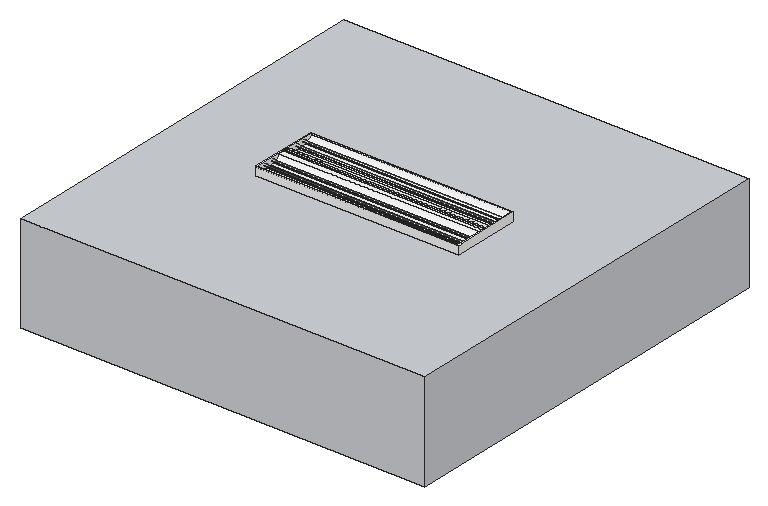
Revit family "LHA4", category Lighting Fixtures, host Face, Revit 2012
Parameters (values of type "LHA4-654-NU-24EP")
  Wattage Comments = "235W"
  Wattage = 235 W
  built-in parameter 1150110 = 1 (stored number, unit not read)
  URL = "http://www.columbialighting.com/"
  built-in parameter 1114217 = 1 (stored number, unit not read)
  Tilt Angle = -90.00°
  built-in parameter 1150109 = 1 (stored number, unit not read)
  built-in parameter 1150134 = (empty or 0)
  built-in parameter 1150113 = 1 (stored number, unit not read)
  Product Page URL = "http://www.columbialighting.com/products/lha"
  Product Documentation Link = "http://www.columbialighting.com/content/products/specs/specs_files/lha4_4.pdf"
  Photometric Web File = "itl68011.ies"
  Model = "LHA4"  # constant formula
  Manufacturer Phone = "864-678-1000"  # constant formula
  Manufacturer Fax = "866-898-1065"  # constant formula
  Manufacturer = "Columbia Lighting"  # constant formula
  built-in parameter 1150105 = 1271.6 (stored number, unit not read)
  Lumens = 15980 lm
  built-in parameter 1150115 = 1 (stored number, unit not read)
  built-in parameter 1150137 = (empty or 0)
  built-in parameter 1150139 = (empty or 0)
  built-in parameter 1150112 = 1 (stored number, unit not read)
  built-in parameter 1150114 = 1 (stored number, unit not read)
  Lamp = "F54T5"
  built-in parameter 1150132 = (empty or 0)
  built-in parameter 1150102 = (empty or 0)
  built-in parameter 1150107 = 4450 (stored number, unit not read)
  built-in parameter 1150138 = (empty or 0)
  built-in parameter 1150106 = 12.716 (stored number, unit not read)
  Glass = Glass
  Emit from Line Length = 48.000"
  built-in parameter 1150104 = 6.3174 (stored number, unit not read)
  Dimming Lamp Color Temperature Shift = <None>
  Description = "LHA high bays are the economical standard for fluorescent high bay lighting with serviceability and performance that is unrivaled in the marketplace."  # constant formula
  Default Elevation = 48.000"
  Color Filter = 16777215
  built-in parameter 1114218 = 1 (stored number, unit not read)
  Backbox = White
  built-in parameter 1150133 = 10 (stored number, unit not read)
  Apparent Load = 0 VA
Types (7): name | Photometric Web File
  (no name) | "itl68011.ies"
  LHA4-454-NU-4EP | "itl68013.ies"
  LHA4-454-WU | "15332.ies"
  LHA4-632-NU-EHL | "itl68009.ies"
  LHA4-632-WU | "15333.ies"
  LHA4-654-NU-24EP | "itl68011.ies"
  LHA4-654-WU | "15334.ies"
Reference planes (in)
  plane 1 "Center (Front/Back)": y = 0.03999
  plane 2: z = -0.74748
  plane 3 "Center (Left/Right)": x = 0.01104
  plane 4: y = 8.13374
  plane 5: x = -23.98896
  plane 6: y = -8.05376
  plane 7: x = 24.01104
  plane 8: z = 0.58035
  plane 9: x = -23.78896
  plane 10: x = 23.81104
  plane 11: z = 1.25252
  plane 12: z = 0.58035
Forms (in)
  Extrusion 1, solid
    sketch origin (0, 0, 0.06357) x (1, 0, 0) y (0, 1, 0)
      loop
        line (-48, 48) -> (-48, -48) -> (48, -48) -> (48, 48) -> (-48, 48)
    from -0.81105 to -24.06357
  Extrusion 2, solid, material "White" <- "Backbox"
    sketch origin (0.01104, 0.07998, 2.07374) x (0, -1, 0) y (0, 0, -1)
      loop
        line (8.13374, 2.82123) -> (-8.05376, 2.82123) -> (-8.05376, 0.82123) -> (-7.96079, 0.82123)
        arc (-7.96079, 0.82123) -> (-7.27669, 1.75985) -> (-6.25566, 2.31349) r 2.63685
        line (-6.25566, 2.31349) -> (-5.25566, 2.31349)
        arc (-5.25566, 2.31349) -> (-4.95, 2.18743) -> (-4.67456, 2.00451) r 1.69805
        arc (-4.67456, 2.00451) -> (-4.37408, 2.19238) -> (-4.04105, 2.31349) r 1.69098
        line (-4.04105, 2.31349) -> (-3.04105, 2.31349)
        arc (-3.04105, 2.31349) -> (-2.10605, 1.76841) -> (-1.41842, 0.93265) r 3.0688
        line (-1.41842, 0.93265) -> (-0.50403, 0.83736) -> (0.04485, 0.83736) -> (0.58401, 0.83736) -> (1.4984, 0.93265)
        arc (1.4984, 0.93265) -> (2.18603, 1.76841) -> (3.12104, 2.31349) r 3.0688
        line (3.12104, 2.31349) -> (4.12104, 2.31349)
        arc (4.12104, 2.31349) -> (4.45406, 2.19238) -> (4.75454, 2.00451) r 1.69098
        arc (4.75454, 2.00451) -> (5.02998, 2.18743) -> (5.33564, 2.31349) r 1.69805
        line (5.33564, 2.31349) -> (6.33564, 2.31349)
        arc (6.33564, 2.31349) -> (7.35667, 1.75985) -> (8.04077, 0.82123) r 2.63685
        line (8.04077, 0.82123) -> (8.13374, 0.82123) -> (8.13374, 2.82123)
    from -23.8 to 23.8
  Extrusion 3, solid, material "Glass" <- "Glass"
    sketch origin (0.01104, 0.07998, 2.07374) x (0, -1, 0) y (0, 0, -1)
      loop
        circle (-5.76029, 1.49339) r 0.32544
      loop
        circle (-3.55557, 1.49339) r 0.325
      loop
        circle (5.84027, 1.49339) r 0.32544
      loop
        circle (3.63555, 1.49339) r 0.325
    from -23.8 to 23.8
  Extrusion 4, solid, material "White" <- "Backbox"
    sketch origin (0.01104, 0.07998, 2.07374) x (0, -1, 0) y (0, 0, -1)
      loop
        line (8.13374, 2.82123) -> (-8.05376, 2.82123) -> (-8.05376, 0.82123) -> (8.13374, 0.82123) -> (8.13374, 2.82123)
    from 23.8 to 24
  Extrusion 5, solid, material "White" <- "Backbox"
    sketch origin (0.01104, 0.07998, 2.07374) x (0, -1, 0) y (0, 0, 1)
      loop
        line (8.13374, -2.82123) -> (8.13374, -0.82123) -> (-8.05376, -0.82123) -> (-8.05376, -2.82123) -> (8.13374, -2.82123)
    from 23.8 to 24
Cuts and joins
  joined: Extrusion 2, Extrusion 4, Extrusion 5
Dimensions and locks (in)
  locked: plane 4 to plane 1 "Center (Front/Back)" at 8.09375
  locked: plane 6 to plane 1 "Center (Front/Back)" at 8.09375
  locked: plane 5 to plane 3 "Center (Left/Right)" at 24
  locked: plane 7 to plane 3 "Center (Left/Right)" at 24
  locked: Extrusion 3 sketch curve to plane 8 at 0  (x2)
  locked: plane 9 to plane 5 at 0.2
  locked: plane 10 to plane 7 at 0.2
  locked: plane 11 to Extrusion 1 at 2
  locked: Extrusion 3 sketch curve to plane 12 at 0  (x2)
  aligned and locked: plane 2 to Extrusion 1
  aligned and locked: Extrusion 3 to plane 9
  aligned and locked: Extrusion 3 to plane 10
  aligned and locked: Extrusion 4 to plane 7
  aligned and locked: Extrusion 5 to plane 5
  aligned and locked: Extrusion 1 to cut or joined group of Extrusion 2, Extrusion 4, Extrusion 5
  aligned and locked: Extrusion 5 to level
  aligned and locked: Extrusion 2 sketch curve to level
  aligned and locked: Extrusion 2 sketch curve to plane 4
  aligned and locked: Extrusion 2 sketch curve to plane 6
  aligned and locked: plane 11 to Extrusion 2 sketch curve
  aligned and locked: Extrusion 2 sketch curve to plane 11
  aligned and locked: Extrusion 5 to Extrusion 2
  aligned and locked: Extrusion 4 to level
  aligned and locked: Extrusion 4 to Extrusion 2
  aligned and locked: imposter light to plane 1 "Center (Front/Back)"
  aligned and locked: plane 11 to imposter light
  aligned and locked: Extrusion 5 to Extrusion 4
  aligned and locked: plane 6 to Extrusion 5
  aligned and locked: plane 4 to Extrusion 5
  aligned and locked: Extrusion 5 sketch curve to plane 4
  aligned and locked: Extrusion 5 sketch curve to imposter light
  aligned and locked: Extrusion 1 to Extrusion 5 sketch curve
  aligned and locked: Extrusion 5 sketch curve to plane 6
  aligned and locked: Extrusion 1 to Extrusion 2 sketch curve
Connectors (in)
  electrical at (0, 0, -0.74748), driven by "Description", driven by "Apparent Load"
    settings: index 1, voltage 0 V, apparent load 0 VA, apparent load phase1 0 VA, apparent load phase2 0 VA, apparent load phase3 0 VA, power factor 1, load classification "Lighting", number of poles 1, system type 30, power factor state 1, is connector primary yes, connector utility no, sub classification motor no, connector description "LHA high bays are the economical standard for fluorescent high bay lighting with serviceability and performance that is unrivaled in the marketplace."
